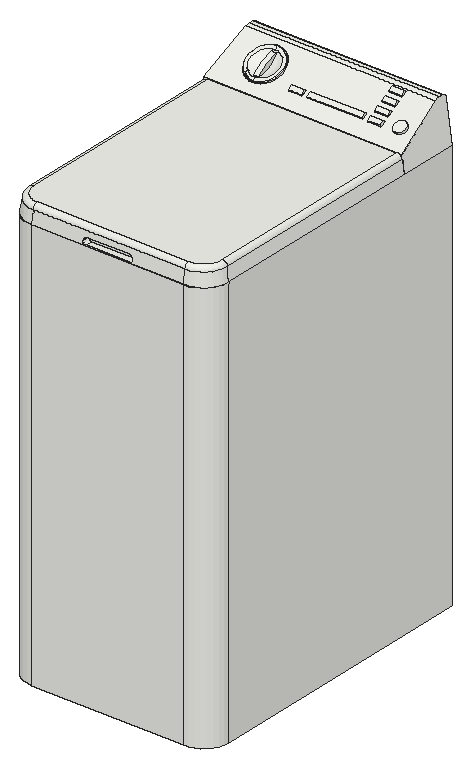
Revit family
Parameters (values of type "400mm x 600mm x 850mm")
  Profondeur = 600 mm
  Hauteur = 850 mm
  Finition = Peinture - Ivoire
Reference planes
  plane 1 "Arrière": y = 438.82
  plane 2: z = 0
  plane 3 "Centre (gauche/droite)": x = -38.495
  plane 4: x = -238.495
  plane 5: x = 161.505
  plane 6: y = -161.18
  plane 7: z = 815
  plane 8: z = 407.5
  plane 9: z = 850
  plane 10: x = -153.495
Forms (mm)
  Extrusion 1, solid, material "Peinture - Ivoire" <- "Finition"
    sketch origin (0, 0, 0) x (1, 0, 0) y (0, 1, 0)
      loop
        arc (-238.495, -111.18) -> (-223.85, -146.535) -> (-188.495, -161.18) r 50
        line (-188.495, -161.18) -> (111.505, -161.18)
        arc (111.505, -161.18) -> (146.86, -146.535) -> (161.505, -111.18) r 50
        line (161.505, -111.18) -> (161.505, 438.82) -> (-238.495, 438.82) -> (-238.495, -111.18)
    from 0 to 815
  Extrusion 2, solid, material "Peinture - Ivoire" <- "Finition"
    sketch origin (-238.495, 766.797, 1200) x (0, 1, 0) y (0, 0, 1)
      loop
        line (-327.977, -385) -> (-327.977, -303.355)
        arc (-327.977, -303.355) -> (-330.127, -298.164) -> (-335.319, -296.014) r 7.342
        line (-335.319, -296.014) -> (-342.058, -296.014)
        arc (-342.058, -296.014) -> (-346.993, -296.632) -> (-351.624, -298.449) r 20
        line (-351.624, -298.449) -> (-446.278, -350) -> (-446.278, -385) -> (-327.977, -385)
    from 0 to 400
  Extrusion 3, solid, material "Peinture - Ivoire" <- "Finition"
    sketch origin (654.664, -1524, 815) x (0, -1, 0) y (-1, 0, 0)
      loop
        line (-1412.82, 873.159) -> (-1844.519, 873.159) -> (-1844.519, 513.159) -> (-1412.82, 513.159)
        arc (-1412.82, 513.159) -> (-1391.607, 521.946) -> (-1382.82, 543.159) r 30
        line (-1382.82, 543.159) -> (-1382.82, 843.159)
        arc (-1382.82, 843.159) -> (-1391.607, 864.373) -> (-1412.82, 873.159) r 30
    from 0 to -35
  Sweep 4, solid, material "Peinture - Ivoire" <- "Finition"
    path in 3D
      loop
        line (-218.495, 320.519, 850) -> (-218.495, -111.18, 850)
        arc (-218.495, -111.18, 850) -> (-209.708, -132.393, 850) -> (-188.495, -141.18, 850) r 30
        line (-188.495, -141.18, 850) -> (111.505, -141.18, 850)
        arc (111.505, -141.18, 850) -> (132.718, -132.393, 850) -> (141.505, -111.18, 850) r 30
        line (141.505, -111.18, 850) -> (141.505, 320.519, 850)
    profile origin (-218.495, 104.67, 850) x (1, 0, 0) y (0, 0, 1)
      loop
        line (0, 0) -> (-6.327, 0)
        arc (-6.327, 0) -> (-12.879, -2.445) -> (-16.227, -8.586) r 10
        line (-16.227, -8.586) -> (-19.857, -34) -> (-17.955, -34) -> (-17.955, -35) -> (0, -35) -> (0, 0)
  Extrusion 5, void
    sketch origin (0, 438.82, 0) x (-1, 0, 0) y (0, 0, 1)
      loop
        line (238.495, 815) -> (238.495, 925) -> (222.781, 925) -> (238.495, 815)
      loop
        line (-161.505, 815) -> (-145.791, 925) -> (-161.505, 925) -> (-161.505, 815)
    from 0 to -153.071
  Extrusion 6, void
    sketch origin (-162.522, 320.519, 850) x (0, -0.878205, -0.478285) y (-1, 0, 0)
      loop
        circle (-58.938, -9.027) r 30
    from 0 to 20
  Revolve 7, solid, material "Peinture - Ivoire" <- "Finition", detail levels medium+fine
    sketch origin (-153.495, 355.498, 1200) x (0, -1, 0) y (0, 0, 1)
      loop
        line (9.566, -336.16) -> (15.276, -339.27) -> (15.894, -338.135) -> (15.226, -336.301) -> (9.462, -333.161)
        arc (9.462, -333.161) -> (-5.357, -331.693) -> (-19.265, -326.373) r 56.014
        line (-19.265, -326.373) -> (-20.7, -329.007)
        arc (-20.7, -329.007) -> (-6.047, -334.613) -> (9.566, -336.16) r 59.014
      axis (-20.7, -329.007) -> (-15.545, -319.542)
    angle from 0 to 360
  Extrusion 8, solid, material "Peinture - Ivoire" <- "Finition", detail levels medium+fine
    sketch origin (-153.495, 355.498, 1200) x (0, -1, 0) y (0, 0, 1)
      loop
        arc (5.901, -332.443) -> (-14.924, -318.408) -> (-38.011, -308.527) r 133.361
        arc (-38.011, -308.527) -> (-18.901, -325.71) -> (5.901, -332.443) r 55.5
    from -5 to 5
  Extrusion 9, solid, material "Peinture - Ivoire" <- "Finition", detail levels medium+fine
    sketch origin (-238.495, 320.519, 850) x (0, 0.878205, 0.478285) y (-1, 0, 0)
      loop
        line (31.946, -150.991) -> (31.946, -175.991) -> (41.946, -175.991) -> (41.946, -150.991) -> (31.946, -150.991)
      loop
        line (31.946, -187.208) -> (31.946, -295.731) -> (41.946, -295.731) -> (41.946, -187.208) -> (31.946, -187.208)
      loop
        line (31.946, -331.948) -> (41.946, -331.948) -> (41.946, -306.948) -> (31.946, -306.948) -> (31.946, -331.948)
      loop
        line (51.946, -331.948) -> (61.946, -331.948) -> (61.946, -306.948) -> (51.946, -306.948) -> (51.946, -331.948)
      loop
        line (71.946, -331.948) -> (81.946, -331.948) -> (81.946, -306.948) -> (71.946, -306.948) -> (71.946, -331.948)
      loop
        line (91.946, -331.948) -> (101.946, -331.948) -> (101.946, -306.948) -> (91.946, -306.948) -> (91.946, -331.948)
      loop
        circle (41.946, -364.421) r 12
    from 0 to 3
  Extrusion 10, void
    sketch origin (-903.776, -161.18, 1200) x (1, 0, 0) y (0, 0, 1)
      loop
        arc (826.394, -368.5) -> (821.021, -370.066) -> (817.331, -374.274) r 10
        line (817.331, -374.274) -> (816.345, -376.387)
        arc (816.345, -376.387) -> (816.66, -381.186) -> (820.877, -383.5) r 5
        line (820.877, -383.5) -> (909.685, -383.5)
        arc (909.685, -383.5) -> (913.902, -381.186) -> (914.216, -376.387) r 5
        line (914.216, -376.387) -> (913.231, -374.274)
        arc (913.231, -374.274) -> (909.541, -370.066) -> (904.168, -368.5) r 10
        line (904.168, -368.5) -> (826.394, -368.5)
    from 0 to -15
Cuts and joins
  Extrusion 10 cuts Extrusion 3
  Extrusion 10 cuts Sweep 4
  joined: Extrusion 3, Sweep 4
  Extrusion 5, Extrusion 6 cuts Extrusion 1
  Extrusion 5, Extrusion 6 cuts Extrusion 2
  joined: Revolve 7, Extrusion 8
Lines and regions (mm)
  Masking region 1
    outline origin (0, 0, 0) x (1, 0, 0) y (0, 1, 0)
      loop
        line (-238.495, 438.82) -> (-238.495, -111.18)
        arc (-238.495, -111.18) -> (-223.85, -146.535) -> (-188.495, -161.18) r 50
        line (-188.495, -161.18) -> (111.505, -161.18)
        arc (111.505, -161.18) -> (146.86, -146.535) -> (161.505, -111.18) r 50
        line (161.505, -111.18) -> (161.505, 438.82) -> (-238.495, 438.82)
  sketch lines
    curve 1: line (-218.495, 320.519, 850) -> (-218.495, -111.18, 850)
    curve 2: arc (-188.495, -141.18, 850) -> (-209.708, -132.393, 850) -> (-218.495, -111.18, 850) r 30
    curve 3: line (-188.495, -141.18, 850) -> (111.505, -141.18, 850)
    curve 4: arc (141.505, -111.18, 850) -> (132.718, -132.393, 850) -> (111.505, -141.18, 850) r 30
    curve 5: line (141.505, -111.18, 850) -> (141.505, 320.519, 850)
  model lines
    curve 6: line (-238.495, -111.18, 0) -> (-238.495, -111.18, 815)
    curve 7: line (161.505, -111.18, 0) -> (161.505, -111.18, 815)
    curve 19: line (2.974, -161.18, 0) -> (2.974, -161.18, 55)
    curve 20: line (12.974, -161.18, 65) -> (102.974, -161.18, 65)
    curve 21: line (112.974, -161.18, 55) -> (112.974, -161.18, 0)
    curve 22: arc (12.974, -161.18, 65) -> (5.903, -161.18, 62.071) -> (2.974, -161.18, 55) r 10
    curve 23: arc (102.974, -161.18, 65) -> (110.046, -161.18, 62.071) -> (112.974, -161.18, 55) r 10
  model lines, detail levels medium+fine
    curve 8: line (-51.287, 369.529, 876.692) -> (57.236, 369.529, 876.692)
    curve 9: line (-51.287, 410.048, 898.759) -> (-51.287, 369.529, 876.692)
    curve 10: line (57.236, 410.048, 898.759) -> (-51.287, 410.048, 898.759)
    curve 11: line (57.236, 369.529, 876.692) -> (57.236, 410.048, 898.759)
    curve 12: line (-87.504, 369.529, 876.692) -> (-62.504, 369.529, 876.692)
    curve 13: line (-87.504, 410.048, 898.759) -> (-87.504, 369.529, 876.692)
    curve 14: line (-62.504, 410.048, 898.759) -> (-87.504, 410.048, 898.759)
    curve 15: line (-62.504, 369.529, 876.692) -> (-62.504, 410.048, 898.759)
    curve 16: line (-24.156, 347.139, 867.914) -> (-24.156, 355.921, 872.697)
    curve 17: line (2.974, 347.139, 867.914) -> (2.974, 355.921, 872.697)
    curve 18: line (30.105, 347.139, 867.914) -> (30.105, 355.921, 872.697)
    curve 24: line (-175.994, 338.052, 859.549) -> (-173.494, 341.854, 861.62)
    curve 25: line (-130.996, 338.052, 859.549) -> (-133.496, 341.854, 861.62)
    curve 26: line (-130.996, 406.499, 896.826) -> (-133.496, 402.696, 894.755)
    curve 27: line (-175.994, 406.499, 896.826) -> (-173.494, 402.696, 894.755)
    curve 28: line (-198.494, 372.275, 878.187) -> (-193.494, 372.275, 878.187)
    curve 29: line (-108.496, 372.275, 878.187) -> (-113.496, 372.275, 878.187)
    curve 30: line (-192.465, 352.516, 867.426) -> (-188.135, 354.712, 868.622)
    curve 31: line (-192.465, 392.035, 888.949) -> (-188.135, 389.839, 887.753)
    curve 32: line (-153.495, 411.794, 899.71) -> (-153.495, 407.403, 897.318)
    curve 33: line (-114.525, 392.035, 888.949) -> (-118.855, 389.839, 887.753)
    curve 34: line (-114.525, 352.516, 867.426) -> (-118.855, 354.712, 868.622)
  symbolic lines
    curve 35: spline (-225.783, 431.684, 0) -> (-225.796, 432.628, 0) -> (-225.826, 433.552, 0) -> (-225.872, 434.441, 0) -> (-225.935, 435.28, 0) -> (-226.012, 436.056, 0) -> (-226.102, 436.756, 0) -> (-226.205, 437.368, 0) -> (-226.317, 437.882, 0) -> (-226.438, 438.289, 0) -> (-226.566, 438.584, 0) -> (-226.698, 438.761, 0) -> (-226.831, 438.816, 0)
    curve 36: line (-225.783, 424.744, 0) -> (-225.783, 431.684, 0)
    curve 37: spline (-226.13, 415.18, 0) -> (-226.076, 415.917, 0) -> (-226.025, 416.669, 0) -> (-225.98, 417.436, 0) -> (-225.939, 418.215, 0) -> (-225.903, 419.006, 0) -> (-225.871, 419.807, 0) -> (-225.844, 420.616, 0) -> (-225.822, 421.433, 0) -> (-225.805, 422.256, 0) -> (-225.792, 423.083, 0) -> (-225.785, 423.913, 0) -> (-225.783, 424.744, 0)
    curve 38: line (-226.13, 415.18, 0) -> (-233.495, 320.519, 0)
    curve 39: spline (149.842, 438.816, 0) -> (149.708, 438.761, 0) -> (149.576, 438.584, 0) -> (149.448, 438.289, 0) -> (149.327, 437.882, 0) -> (149.215, 437.368, 0) -> (149.112, 436.756, 0) -> (149.022, 436.056, 0) -> (148.945, 435.28, 0) -> (148.882, 434.441, 0) -> (148.836, 433.552, 0) -> (148.806, 432.628, 0) -> (148.793, 431.684, 0)
    curve 40: line (148.793, 431.684, 0) -> (148.793, 424.739, 0)
    curve 41: spline (148.793, 424.739, 0) -> (148.795, 423.908, 0) -> (148.803, 423.078, 0) -> (148.815, 422.25, 0) -> (148.832, 421.428, 0) -> (148.854, 420.611, 0) -> (148.881, 419.801, 0) -> (148.913, 419, 0) -> (148.949, 418.209, 0) -> (148.99, 417.43, 0) -> (149.036, 416.663, 0) -> (149.086, 415.911, 0) -> (149.141, 415.174, 0)
    curve 42: line (156.505, 320.519, 0) -> (149.141, 415.174, 0)
    curve 43: line (-238.495, 320.519, 0) -> (161.505, 320.519, 0)
Dimensions and locks
  plane 4 to plane 3 "Centre (gauche/droite)" to plane 5 = 200 mm, 200 mm
  "Profondeur": plane 6 to plane 1 "Arrière"
  "Hauteur": plane 9 to level
  equal spacing: plane 7, plane 8, plane 2
  locked: plane 9 to plane 7 at 35
  aligned and locked: plane 4 to Extrusion 1 sketch curve
  aligned and locked: plane 1 "Arrière" to Extrusion 1 sketch curve
  aligned and locked: Extrusion 1 sketch curve to plane 5
  aligned and locked: plane 6 to Extrusion 1 sketch curve
  aligned and locked: Extrusion 1 to plane 7
  aligned and locked: plane 5 to Extrusion 2
  aligned and locked: Extrusion 2 to Extrusion 3 sketch curve
  aligned and locked: Extrusion 3 to plane 9
  aligned and locked: curve 6 to cut or joined group of Extrusion 1, Extrusion 5, Extrusion 6
  aligned and locked: curve 7 to curve 6
  aligned and locked: Masking region 1 sketch curve to cut or joined group of Extrusion 1, Extrusion 5, Extrusion 6  (x3)
  aligned and locked: Masking region 1 sketch curve to cut or joined group of Extrusion 2, Extrusion 5, Extrusion 6
  aligned and locked: cut or joined group of Extrusion 2, Extrusion 5, Extrusion 6 to curve 36
  aligned and locked: curve 38 to cut or joined group of Extrusion 2, Extrusion 5, Extrusion 6
  aligned and locked: curve 40 to cut or joined group of Extrusion 2, Extrusion 5, Extrusion 6
  aligned and locked: curve 42 to cut or joined group of Extrusion 2, Extrusion 5, Extrusion 6
  aligned and locked: curve 43 to cut or joined group of Extrusion 2, Extrusion 5, Extrusion 6
Automatic sketch dimensions
  plane 10 to Extrusion 1 sketch curve = 35 mm
  Extrusion 1 sketch curve to plane 5 = 50 mm
  Extrusion 2 sketch curve to plane 9 = 0 mm
  Extrusion 2 sketch curve to plane 7 = 0 mm
  Extrusion 2 sketch curve to plane 1 "Arrière" = 0 mm
  plane 1 "Arrière" to Extrusion 2 sketch curve = 7.342 mm
  plane 1 "Arrière" to Extrusion 2 sketch curve = 14.081 mm
  Extrusion 2 sketch curve to Extrusion 2 sketch curve = 9.566 mm
  plane 1 "Arrière" to Extrusion 2 sketch curve = 118.301 mm
  Extrusion 2 sketch curve to plane 9 = 33.986 mm
  Extrusion 2 sketch curve to Extrusion 2 sketch curve = 12.658 mm
  Extrusion 3 sketch curve to plane 5 = 20 mm
  plane 6 to Extrusion 3 sketch curve = 50 mm  (x2)
  plane 4 to Extrusion 3 sketch curve = 20 mm
  plane 6 to Extrusion 3 sketch curve = 20 mm
  Sweep 4 sketch curve to profile plane = 0 mm  (x2)
  Sweep 4 sketch curve to Sweep 4 sketch curve = 6.327 mm
  Sweep 4 sketch curve to profile plane = 8.586 mm
  Sweep 4 sketch curve to Sweep 4 sketch curve = 9.899 mm
  profile plane to Sweep 4 sketch curve = 17.955 mm
  Sweep 4 sketch curve to Sweep 4 sketch curve = 1.902 mm
  Sweep 4 sketch curve to Sweep 4 sketch curve = 25.414 mm
  Sweep 4 sketch curve to Sweep 4 sketch curve = 1 mm
  Extrusion 5 sketch curve to plane 5 = 0 mm
  Extrusion 5 sketch curve to plane 4 = 0 mm
  Extrusion 5 sketch curve to plane 7 = 0 mm  (x2)
  Extrusion 5 sketch curve to plane 5 = 15.714 mm
  plane 4 to Extrusion 5 sketch curve = 15.714 mm
  Extrusion 5 sketch curve to plane 9 = 75 mm  (x2)
  curve 6 to Extrusion 1 = 0 mm  (x2)
  curve 7 to Extrusion 1 = 0 mm  (x2)
  Extrusion 2 to Extrusion 6 sketch curve = 48.845 mm
  Extrusion 6 sketch curve to Extrusion 2 = 85 mm
  Revolve 7 sketch curve to Revolve 7 sketch curve = 0 mm  (x4)
  Revolve 7 sketch curve to plane 9 = 20.993 mm
  plane 1 "Arrière" to Revolve 7 sketch curve = 62.623 mm
  Revolve 7 sketch curve to Revolve 7 sketch curve = 1.435 mm
  Revolve 7 sketch curve to plane 9 = 28.189 mm
  Revolve 7 sketch curve to Revolve 7 sketch curve = 2.484 mm
  Revolve 7 sketch curve to Revolve 7 sketch curve = 24.306 mm
  Revolve 7 sketch curve to Revolve 7 sketch curve = 26.242 mm
  Revolve 7 sketch curve to Revolve 7 sketch curve = 0.104 mm
  Revolve 7 sketch curve to plane 9 = 13.699 mm
  Revolve 7 sketch curve to Revolve 7 sketch curve = 5.661 mm
  Revolve 7 sketch curve to plane 9 = 10.73 mm
  Revolve 7 sketch curve to Revolve 7 sketch curve = 0.05 mm
  Revolve 7 sketch curve to plane 9 = 11.865 mm
  Revolve 7 sketch curve to Revolve 7 sketch curve = 0.618 mm
  Revolve 7 sketch curve to Revolve 7 sketch curve = 2.998 mm
  plane 1 "Arrière" to Extrusion 8 sketch curve = 4.614 mm
  plane 1 "Arrière" to Extrusion 8 sketch curve = 45.312 mm
  Extrusion 8 sketch curve to plane 9 = 17.557 mm
  Extrusion 8 sketch curve to Extrusion 8 sketch curve = 43.912 mm
  Extrusion 8 sketch curve to Extrusion 8 sketch curve = 45.655 mm
  plane 7 to Extrusion 8 sketch curve = 50.527 mm
  Extrusion 2 to Extrusion 9 sketch curve = 31.946 mm  (x2)
  Extrusion 9 sketch curve to Extrusion 9 sketch curve = 0 mm  (x7)
  Extrusion 9 sketch curve to Extrusion 9 sketch curve = 10 mm  (x8)
  Extrusion 9 sketch curve to Extrusion 2 = 5.836 mm
  Extrusion 2 to Extrusion 9 sketch curve = 35.579 mm
  Extrusion 2 to Extrusion 9 sketch curve = 68.052 mm
  Extrusion 9 sketch curve to Extrusion 9 sketch curve = 25 mm  (x3)
  Extrusion 9 sketch curve to Extrusion 9 sketch curve = 11.218 mm  (x2)
  Extrusion 9 sketch curve to Extrusion 9 sketch curve = 108.522 mm
  curve 18 to Extrusion 9 = 0 mm  (x2)
  curve 17 to Extrusion 9 = 0 mm  (x2)
  curve 16 to Extrusion 9 = 0 mm  (x2)
  curve 18 to Extrusion 9 = 27.131 mm
  curve 18 to curve 17 = 27.131 mm
  curve 17 to curve 16 = 27.131 mm
  curve 21 to Extrusion 1 = 0 mm
  curve 19 to Extrusion 1 = 0 mm
  curve 23 to Extrusion 1 = 1.469 mm
  Extrusion 1 to curve 23 = 8.531 mm
  curve 20 to curve 22 = 90 mm
  curve 22 to curve 19 = 10 mm
  Extrusion 1 to curve 23 = 55 mm
  Extrusion 10 sketch curve to plane 7 = 8.613 mm
  Extrusion 10 sketch curve to plane 3 "Centre (gauche/droite)" = 48.936 mm
  Extrusion 10 sketch curve to plane 7 = 10.726 mm  (x2)
  Extrusion 10 sketch curve to Extrusion 10 sketch curve = 0.985 mm  (x2)
  Extrusion 10 sketch curve to plane 7 = 1.5 mm
  Extrusion 10 sketch curve to Extrusion 10 sketch curve = 4.532 mm
  Extrusion 10 sketch curve to Extrusion 10 sketch curve = 5.517 mm  (x2)
  Extrusion 10 sketch curve to plane 7 = 6.5 mm
  plane 3 "Centre (gauche/droite)" to Extrusion 10 sketch curve = 38.887 mm
  Extrusion 10 sketch curve to Extrusion 10 sketch curve = 3.546 mm
  Extrusion 10 sketch curve to Extrusion 10 sketch curve = 5 mm
  Extrusion 2 to curve 25 = 19.964 mm
  Extrusion 2 to curve 24 = 19.964 mm
  curve 24 to curve 24 = 4.33 mm
  curve 25 to curve 25 = 4.33 mm
  curve 24 to curve 30 = 12.141 mm
  curve 25 to curve 34 = 12.141 mm
  curve 34 to curve 34 = 2.5 mm
  curve 30 to curve 30 = 2.5 mm
  curve 34 to curve 12 = 19.372 mm
  curve 8 to Extrusion 2 = 51.975 mm
  curve 34 to curve 29 = 19.999 mm
  curve 30 to curve 28 = 19.999 mm
  curve 28 to curve 31 = 19.999 mm
  curve 29 to curve 33 = 19.999 mm
  curve 33 to curve 33 = 2.5 mm
  curve 31 to curve 31 = 2.5 mm
  curve 26 to Extrusion 2 = 14.208 mm
  curve 27 to Extrusion 2 = 14.208 mm
  curve 27 to curve 27 = 4.33 mm
  curve 26 to curve 26 = 4.33 mm
  curve 32 to Extrusion 2 = 8.849 mm
  curve 9 to Extrusion 2 = 5.836 mm
  curve 14 to Extrusion 2 = 5.836 mm
  curve 32 to Extrusion 2 = 3.849 mm
  Extrusion 2 to curve 8 = 104.269 mm
  curve 10 to curve 10 = 108.522 mm
  curve 9 to curve 15 = 11.218 mm
  curve 14 to curve 14 = 25 mm
  curve 12 to curve 29 = 20.992 mm
  curve 29 to curve 29 = 5 mm
  curve 29 to curve 33 = 1.029 mm
  curve 29 to curve 34 = 1.029 mm
  curve 34 to curve 34 = 4.33 mm
  curve 33 to curve 33 = 4.33 mm
  curve 34 to curve 25 = 12.141 mm
  curve 33 to curve 26 = 12.141 mm
  curve 25 to curve 25 = 2.5 mm
  curve 26 to curve 26 = 2.5 mm
  curve 26 to curve 32 = 19.999 mm
  curve 32 to curve 27 = 19.999 mm
  curve 25 to curve 24 = 39.999 mm
  curve 27 to curve 27 = 2.5 mm
  curve 24 to curve 24 = 2.5 mm
  curve 24 to curve 30 = 14.641 mm
  curve 27 to curve 31 = 14.641 mm
  curve 31 to curve 31 = 4.33 mm
  curve 30 to curve 30 = 4.33 mm
  curve 30 to curve 28 = 5.359 mm
  curve 28 to curve 28 = 5 mm
  curve 35 to curve 36 = 1.043 mm
  plane 1 "Arrière" to curve 35 = 0.004 mm
  curve 35 to curve 35 = 0.006 mm
  plane 1 "Arrière" to curve 35 = 7.136 mm
  curve 35 to curve 36 = 0.247 mm
  curve 36 to curve 36 = 6.94 mm
  curve 37 to curve 36 = 2.806 mm
  curve 37 to curve 36 = 0.347 mm
  plane 1 "Arrière" to curve 39 = 0.004 mm  (x2)
  curve 40 to curve 39 = 1.043 mm
  curve 39 to curve 39 = 0.006 mm
  curve 40 to curve 39 = 6.698 mm
  curve 41 to curve 41 = 0.348 mm
  curve 41 to plane 5 = 9.906 mm
  curve 41 to curve 41 = 19.837 mm
  curve 41 to curve 41 = 9.566 mm
  curve 43 to plane 4 = 0 mm
  curve 43 to plane 5 = 0 mm
  radius of Extrusion 6 sketch curve = 30 mm
  radius of Extrusion 9 sketch curve = 12 mm
